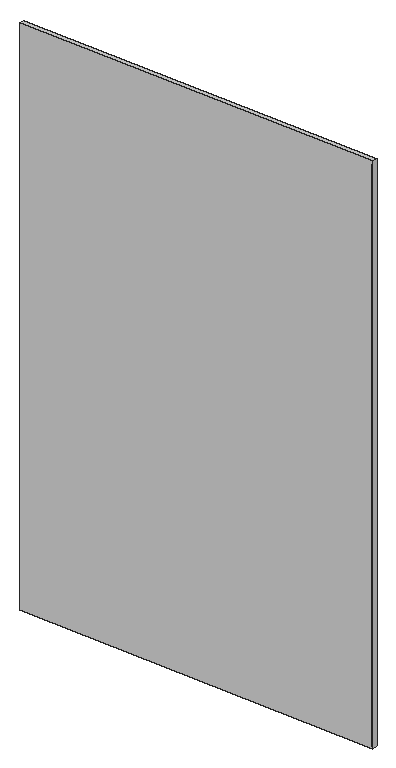
Revit family "Mirror_Metlam_SS-Channel-Frame", category Generic Models, host Wall, Revit 2013
Parameters (values of type "Metlam SS Channel Frame 610x910")
  Width = 610 mm
  URL = "http://www.metlam.com.au/products/washroom/111"
  StyleOrType_ANZRS = "Bathroom Fixture"
  Product Code = "ML 771-4"
  ModifiedIssue_ANZRS = 130318.01
  Model = "SS Channel Frame"
  Mirror Material = Mirror
  Keywords = "Theft resistant. Safety glass. Safety Edges"
  Frame Material = Stainless Steel
  Manufacturer = "Metlam"
  Height = 910 mm
  FilterObject_ANZRS = "Mirror"
  Description = "Fabricated of type 304 S.S. with a #4 satin finish. Back plate and wall brackets fabricated from 1.0mm Galvanized Steel. Mirror is made from 6mm thick safety glass (vinyl backed). All shelf edges returned and hemmed for safety, shelf welded to face frame with 127 projection from mirror. Unit secured with theft resistant wall brackets."
  Depth = 9 mm
  CreatedBy_ANZRS = "RubySketch"
  CreatedByURL_ANZRS = "http://www.rubysketch.com/"
  CreatedByPhoneNo_ANZRS = "1300 844 728"
  Assembly Code = "E1090900"
Types (5, lengths in mm): name | Width | Product Code | Height
  Metlam SS Channel Frame 460x610 | 460 | "ML 771" | 610
  Metlam SS Channel Frame 460x760 | 460 | "ML 771-1" | 760
  Metlam SS Channel Frame 460x910 | 460 | "ML 771-2" | 910
  Metlam SS Channel Frame 610x760 | 610 | "ML 771-3" | 760
  Metlam SS Channel Frame 610x910 | 610 | "ML 771-4" | 910
Reference planes
  plane 1 "Wall": y = 0
  plane 2 "Center (Left/Right)": x = 125
  plane 3 "Back": y = 50
Forms (mm)
  Extrusion 1, solid, material "Stainless Steel" <- "Frame Material", detail levels fine
    sketch origin (0, 50, 0) x (1, 0, 0) y (0, 0, 1)
      loop
        line (430, 0) -> (430, 910) -> (-180, 910) -> (-180, 0) -> (430, 0)
    from -2 to 0
  Sweep 2, solid, material "Stainless Steel" <- "Frame Material", detail levels fine
    path in 3D
      loop
        line (430, 52, 910) -> (430, 52, 0) -> (-180, 52, 0) -> (-180, 52, 910) -> (430, 52, 910)
    profile origin (125, 52, 910) x (0, 1, 0) y (0, 0, 1)
      loop
        line (0, 0) -> (0, -2) -> (5, -2) -> (5, -16) -> (6, -16) -> (7, 0) -> (0, 0)
  Extrusion 3, solid, material "Mirror" <- "Mirror Material", detail levels fine
    sketch origin (0, 50, 0) x (1, 0, 0) y (0, 0, 1)
      loop
        line (428, 908) -> (-178, 908) -> (-178, 2) -> (428, 2) -> (428, 908)
    from -2 to -7
Cuts and joins
  joined: Extrusion 1, Sweep 2
Lines and regions (mm)
  Masking region 1
    outline origin (0, 0, 0) x (1, 0, 0) y (0, 1, 0)
      loop
        line (-180, 50) -> (430, 50) -> (430, 59) -> (-180, 59) -> (-180, 50)
  sketch lines
    curve 1: line (-180, 52, 910) -> (430, 52, 910)
    curve 2: line (-180, 52, 0) -> (-180, 52, 910)
    curve 3: line (430, 52, 0) -> (-180, 52, 0)
    curve 4: line (430, 52, 910) -> (430, 52, 0)
Text (mm)
  text "Placement Side" at (-1848.837, 1116.779, 0), in view "Ref. Level"
  text "Placement side" at (0, 1409.804, 2854.306), in view "Left"
  text "Placement side" at (0, 499.811, 2980.732), in view "Right"
Dimensions and locks
  locked: plane 3 "Back" to host wall
  "Width": Extrusion 1 sketch curve to Extrusion 1 sketch curve
  equal spacing: Extrusion 1 sketch curve, plane 2 "Center (Left/Right)", Extrusion 1 sketch curve
  "Height": Extrusion 1 sketch curve to Extrusion 1 sketch curve
  aligned and locked: plane 1 "Wall" to host wall
  aligned and locked: Extrusion 3 sketch curve to cut or joined group of Extrusion 1, Sweep 2  (x4)
  aligned and locked: Masking region 1 sketch curve to cut or joined group of Extrusion 1, Sweep 2  (x4)
Automatic sketch dimensions
  Sweep 2 sketch curve to profile plane = 0 mm  (x2)
  Sweep 2 sketch curve to profile plane = 6 mm
  Sweep 2 sketch curve to profile plane = 16 mm
  Sweep 2 sketch curve to profile plane = 2 mm
  Sweep 2 sketch curve to profile plane = 5 mm
  Sweep 2 sketch curve to Sweep 2 sketch curve = 2 mm
  Extrusion 1 sketch curve to level = 0 mm
